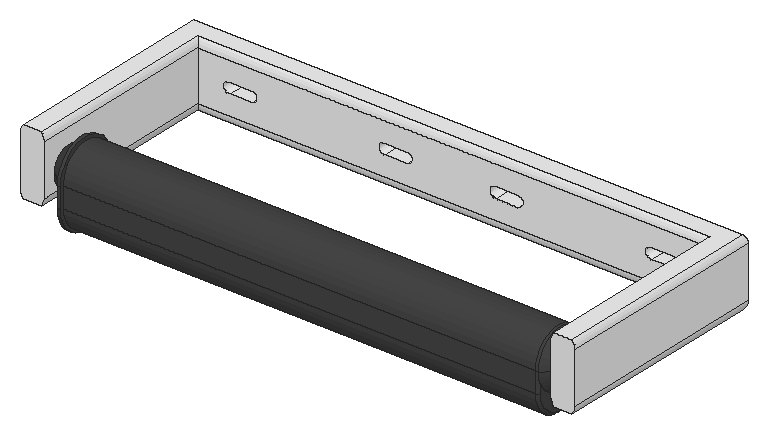
Revit family
Parameters (values of type "B-253")
  URL = "http://www.bobrick.com/"
  Revised Date = "23/08/2013"
  Product URL = "http://www.bobrick.com/washroomaccessories/Pages/ProductDetails.aspx?Product+Number=B-253"
  Phone # = "416.250.5656"
  Model = "B-253"
  Material = Heavy-duty Cast Aluminum
  Manufacturer = "Bobrick"
  Designed By = "ATS BIM Team"
  Description = "Surface-Mounted Roll Towel Dispenser"
  Assembly Code = "E2020200"
Types (3): name | Material | Description
  (no name) | Heavy-duty Cast Aluminum | "Surface-Mounted Roll Towel Dispenser"
  B-52860 | none | "MatrixSeries™ SURFACE-MOUNTED\r\n ROLL PAPER TOWEL DISPENSER"
  B-253 | Heavy-duty Cast Aluminum | "Surface-Mounted Roll Towel Dispenser"
Reference planes (in)
  plane 1 "Center (Front/Back)": y = 0
  plane 2: z = 0
  plane 3 "Center (Left/Right)": x = 0
  plane 4: x = 6.25
  plane 5: x = -6.25
  plane 6: y = -4.875
  plane 7: z = 0.75
  plane 8: z = -0.75
  plane 9: y = -4.19555
  plane 10: z = -1.2457
  plane 11: x = -4.75
  plane 12: x = -1.25
  plane 13: x = 4.75
  plane 14: x = 1.25
Forms (in)
  Sweep 1, solid, material "Heavy-duty Cast Aluminum" <- "Material"
    path origin (0, 0, 0) x (1, 0, 0) y (0, 1, 0)
      loop
        line (-6.25, -4.875) -> (-6.25, 0) -> (6.25, 0) -> (6.25, -4.875)
    profile origin (-6.25, -2.4375, 0) x (-1, 0, 0) y (0, 0, 1)
      loop
        line (-0.06825, 0.75) -> (-0.47738, 0.75)
        arc (-0.47738, 0.75) -> (-0.5244, 0.66634) -> (-0.54563, 0.57274) r 0.33341
        line (-0.54563, 0.57274) -> (-0.54563, -0.57274)
        arc (-0.54563, -0.57274) -> (-0.5244, -0.66634) -> (-0.47738, -0.75) r 0.33341
        line (-0.47738, -0.75) -> (-0.06825, -0.75)
        arc (-0.06825, -0.75) -> (-0.02124, -0.66634) -> (0, -0.57274) r 0.33341
        line (0, -0.57274) -> (0, 0.57274)
        arc (0, 0.57274) -> (-0.02124, 0.66634) -> (-0.06825, 0.75) r 0.33341
  Extrusion 2, solid, material "ABS Plastic"
    sketch origin (0, 0, 0) x (0, 1, 0) y (0, 0, 1)
      loop
        arc (-3.58967, -0.16885) -> (-4.23234, 0.47382) -> (-4.875, -0.16885) r 0.64266
        line (-4.875, -0.16885) -> (-4.875, -0.63352)
        arc (-4.875, -0.63352) -> (-4.23234, -1.27618) -> (-3.58967, -0.63352) r 0.64266
        line (-3.58967, -0.63352) -> (-3.58967, -0.16885)
    from -5.29047 to 5.36101
  Blend 3, solid, material "ABS Plastic"
    base sketch origin (0, 0, 0) x (0, 1, 0) y (0, 0, 1)
      loop
        circle (-4.23234, -0.16885) r 0.64266
    top sketch origin (0, 0, 0) x (0, 1, 0) y (0, 0, 1)
      loop
        circle (-4.23234, -0.16885) r 0.39266
    from -5.36101 to -5.70437
  Blend 4, solid, material "ABS Plastic"
    base sketch origin (0, 0, 0) x (0, 1, 0) y (0, 0, -1)
      loop
        circle (-4.23234, 0.16885) r 0.64266
    top sketch origin (0, 0, 0) x (0, 1, 0) y (0, 0, -1)
      loop
        circle (-4.23234, 0.16885) r 0.39266
    from -5.42351 to -5.70437
  Extrusion 5, solid, material "ABS Plastic"
    sketch origin (0, 0, 0) x (0, 1, 0) y (0, 0, 1)
      loop
        arc (-3.52717, -0.16885) -> (-4.23234, 0.53632) -> (-4.9375, -0.16885) r 0.70516
        line (-4.9375, -0.16885) -> (-4.9375, -0.63352)
        arc (-4.9375, -0.63352) -> (-4.23234, -1.33868) -> (-3.52717, -0.63352) r 0.70516
        line (-3.52717, -0.63352) -> (-3.52717, -0.16885)
    from -5.36101 to -5.29047
  Blend 6, solid, material "ABS Plastic"
    base sketch origin (0, 0, 0) x (0, 1, 0) y (0, 0, 1)
      loop
        arc (-3.65217, -0.16885) -> (-4.23234, 0.41132) -> (-4.8125, -0.16885) r 0.58016
        line (-4.8125, -0.16885) -> (-4.8125, -0.63352)
        arc (-4.8125, -0.63352) -> (-4.23234, -1.21368) -> (-3.65217, -0.63352) r 0.58016
        line (-3.65217, -0.63352) -> (-3.65217, -0.16885)
    top sketch origin (0, 0, 0) x (0, 1, 0) y (0, 0, 1)
      loop
        arc (-4.875, -0.63352) -> (-4.23234, -1.27618) -> (-3.58967, -0.63352) r 0.64266
        line (-3.58967, -0.63352) -> (-3.58967, -0.16885)
        arc (-3.58967, -0.16885) -> (-4.23234, 0.47382) -> (-4.875, -0.16885) r 0.64266
        line (-4.875, -0.16885) -> (-4.875, -0.63352)
    from 5.42351 to 5.36101
  Extrusion 7, void
    sketch origin (0, 0, 0) x (1, 0, 0) y (0, 0, 1)
      loop
        arc (-5, 0.125) -> (-5.125, 0) -> (-5, -0.125) r 0.125
        line (-5, -0.125) -> (-4.5, -0.125)
        arc (-4.5, -0.125) -> (-4.375, 0) -> (-4.5, 0.125) r 0.125
        line (-4.5, 0.125) -> (-5, 0.125)
    from -0.3045 to 0.8937
  Extrusion 8, void
    sketch origin (3.5, 0, 0) x (1, 0, 0) y (0, 0, 1)
      loop
        arc (-5, 0.125) -> (-5.125, 0) -> (-5, -0.125) r 0.125
        line (-5, -0.125) -> (-4.5, -0.125)
        arc (-4.5, -0.125) -> (-4.375, 0) -> (-4.5, 0.125) r 0.125
        line (-4.5, 0.125) -> (-5, 0.125)
    from -0.3045 to 0.8937
  Extrusion 9, void
    sketch origin (0, 0, 0) x (-1, 0, 0) y (0, 0, -1)
      loop
        line (-5, -0.125) -> (-4.5, -0.125)
        arc (-4.5, -0.125) -> (-4.375, 0) -> (-4.5, 0.125) r 0.125
        line (-4.5, 0.125) -> (-5, 0.125)
        arc (-5, 0.125) -> (-5.125, 0) -> (-5, -0.125) r 0.125
    from -0.3045 to 0.8937
  Extrusion 10, void
    sketch origin (-3.5, 0, 0) x (-1, 0, 0) y (0, 0, -1)
      loop
        line (-5, -0.125) -> (-4.5, -0.125)
        arc (-4.5, -0.125) -> (-4.375, 0) -> (-4.5, 0.125) r 0.125
        line (-4.5, 0.125) -> (-5, 0.125)
        arc (-5, 0.125) -> (-5.125, 0) -> (-5, -0.125) r 0.125
    from -0.3045 to 0.8937
Cuts and joins
  Extrusion 7, Extrusion 8, Extrusion 9, Extrusion 10 cuts Sweep 1
  Extrusion 7 cuts Extrusion 2
  joined: Extrusion 2, Blend 3, Blend 4, Extrusion 5, Blend 6
Dimensions and locks (in)
  plane 5 to plane 11 = 0' - 1 1/2"
  plane 14 to plane 13 = 0' - 3 1/2"
  plane 7 to plane 8 = 0' - 1 1/2"
  plane 5 to plane 4 = 1' - 0 1/2"  (x2)
  plane 6 to plane 1 "Center (Front/Back)" = 0' - 4 7/8"
